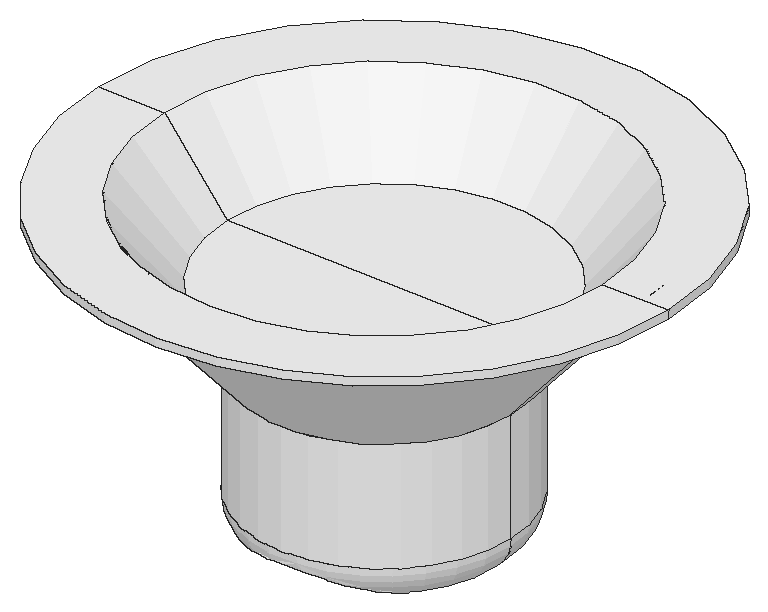
Revit family "LUXI_DOWNLIGHT_OD-E", category Apparecchi per illuminazione, host Superficie, Revit 2016
Family settings
  Host = Superficie
  Tipo di parte = Normale
  Quota connettore circolare = Usa diametro
  Numero OmniClass = 23.80.70.00
  Titolo OmniClass = Lighting
  Taglio con vuoti quando caricato = No
  Sorgente d'illuminazione = Sì
  Condiviso = No
  Punto di calcolo locali = Sì
Parameters (values of type "DLDE010100W830")
  Weight = 0.30 kg
  Wattage = 10 W
  built-in parameter 1150103 = 5.38568 W
  Warranty = "3 years"  # constant formula
  Variazione temperatura colore lampada con luminosità attenuata = <Nessuno>
  Uniclass 2015 description = "Lighting"  # constant formula
  Uniclass 2015 code = "EF_70_80"  # constant formula
  URL = "https://www.luxi.lighting/"
  built-in parameter 1150107 = 3000 (stored number, unit not read)
  Step MacAdam (SDCM) = "<4"  # constant formula
  Ext. thickness = 1.6 mm
  Size = "Ø113x59 recession Ø100"
  Review = "3"  # constant formula
  Rendi la forma visibile nel rendering = no
  Rated supply voltage = "220-240V AC / 50-60 Hz"  # constant formula
  Protection class = "II"  # constant formula
  Prospetto di default = 2000 mm
  Produttore = "Luxi Illuminazione S.r.l."  # constant formula
  Power supply = "Included, not dimmable"  # constant formula
  Power factor = "≥0,90 (typ.)"  # constant formula
  Photobiological risk group = "RG0"  # constant formula
  built-in parameter 1150110 = 1 (stored number, unit not read)
  built-in parameter 1150109 = 1 (stored number, unit not read)
  built-in parameter 1114218 = 1 (stored number, unit not read)
  built-in parameter 1150112 = 1 (stored number, unit not read)
  Optics = "Metalized reflector, opal diffusing panel"  # constant formula
  Operating temperature = "0°C / +40°C"  # constant formula
  OFF4 = (Diameter - Recession) / 2  # 6.5 mm
  OFF3 = (H_mid / 4)  # 7.375 mm
  OFF2 = (H_mid / 3)  # 9.833 mm
  OFF1 = (H_mid * (tan(40.00°)))  # 24.753 mm
  Modello = "OD-E Series | Downlight"  # constant formula
  built-in parameter 1150137 = 1
  built-in parameter 1150132 = 2
  Material 2 = Opal Technopolimer
  Material 1 = Polycarbonate_White
  Masterformat 2016 description = "Lighting"  # constant formula
  Masterformat 2016 code = "26.50.00"  # constant formula
  Light source = "LED SMD"  # constant formula
  Light distribution = "Downlight"  # constant formula
  Lifetime = "L70B50 30.000h"  # constant formula
  built-in parameter 1150105 = 63.662 (stored number, unit not read)
  built-in parameter 1150102 = (empty or 0)
  Installation = "Recessed"  # constant formula
  Recession = 100 mm
  Impact rating = "IK06 (1 Joule)"  # constant formula
  built-in parameter 1150106 = 0.63662 (stored number, unit not read)
  IFCExportAs = "IfcLightFixtureType"  # constant formula
  H_quart = H / 4  # 14.75 mm
  H_mid = H / 2  # 29.5 mm
  H = 59 mm
  Lumens = 800 lm
  Color Filter = 16777215
  File diagramma fotometrico = "DLDE010100W830 Luxi Serie OD-E 10W 3000K.IES"
  built-in parameter 1114217 = 1 (stored number, unit not read)
  built-in parameter 1150139 = (empty or 0)
  Energy class = "A+"  # constant formula
  Emetti da diametro cerchio = Recession  # 100 mm
  built-in parameter 1150104 = 13.8 (stored number, unit not read)
  Dust and water protection rating = "IP 44 (front)"  # constant formula
  built-in parameter 1150115 = 1 (stored number, unit not read)
  built-in parameter 1150114 = 1 (stored number, unit not read)
  built-in parameter 1150113 = 1 (stored number, unit not read)
  Dimming = "Na"  # constant formula
  Diameter = 113 mm
  Descrizione = "LED Downlight with integrated driver"  # constant formula
  built-in parameter 1150134 = (empty or 0)
  built-in parameter 1150138 = (empty or 0)
  Color = "White"  # constant formula
  Code = "DLDE010100W830"
  Certifications = "CE / RohS"  # constant formula
  Carico apparente = Wattage  # 10 VA
  CRI = "≥80 (typ.)"  # constant formula
  Angolo inclinazione = -90.00°
  ANG1 = 50.00°
  built-in parameter 1150133 = 10 (stored number, unit not read)
Types (9, lengths in mm): name | Weight | Wattage | built-in parameter 1150103 | built-in parameter 1150107 | Size | OFF4 | OFF3 | OFF2 | OFF1 | built-in parameter 1150105 | Recession | built-in parameter 1150106 | H_quart | H_mid | H | Lumens | File diagramma fotometrico | Emetti da diametro cerchio | Diameter | built-in parameter 1150134 | Code | Carico apparente
  (no name) | 0.30 kg | 10 W | 5.38568 W | 3000 (stored number, unit not read) | "Ø113x59 recession Ø100" | 6.5 | 7.375 | 9.833 | 24.753 | 63.662 (stored number, unit not read) | 100 | 0.63662 (stored number, unit not read) | 14.75 | 29.5 | 59 | 800 lm | "DLDE010100W830 Luxi Serie OD-E 10W 3000K.IES" | 100 | 113 | (empty or 0) | "DLDE010100W830" | 10 VA
  DLDE010100W830 | 0.30 kg | 10 W | 5.38568 W | 3000 (stored number, unit not read) | "Ø113x59 recession Ø100" | 6.5 | 7.375 | 9.833 | 24.753 | 63.662 (stored number, unit not read) | 100 | 0.63662 (stored number, unit not read) | 14.75 | 29.5 | 59 | 800 lm | "DLDE010100W830 Luxi Serie OD-E 10W 3000K.IES" | 100 | 113 | (empty or 0) | "DLDE010100W830" | 10 VA
  DLDE010100W840 | 0.30 kg | 10 W | 5.65497 W | 4000 (stored number, unit not read) | "Ø113x59 recession Ø100" | 6.5 | 7.375 | 9.833 | 24.753 | 410.01 (stored number, unit not read) | 100 | 4.1001 (stored number, unit not read) | 14.75 | 29.5 | 59 | 840 lm | "DLDE010100W840 Luxi Serie OD-E 10W 4000K.IES" | 100 | 113 | 12 | "DLDE010100W840" | 10 VA
  DLDE017150W830 | 0.30 kg | 17 W | 9.76155 W | 3000 (stored number, unit not read) | "Ø174x66 recession Ø150" | 12 | 8.25 | 11 | 27.69 | 707.77 (stored number, unit not read) | 150 | 7.0777 (stored number, unit not read) | 16.5 | 33 | 66 | 1450 lm | "DLDE017150W830 Luxi Serie OD-E 17W 3000K.IES" | 150 | 174 | (empty or 0) | "DLDE017150W830" | 17 VA
  DLDE017150W840 | 0.30 kg | 17 W | 10.0982 W | 4000 (stored number, unit not read) | "Ø174x66 recession Ø150" | 12 | 8.25 | 11 | 27.69 | 693.86 (stored number, unit not read) | 150 | 6.9386 (stored number, unit not read) | 16.5 | 33 | 66 | 1500 lm | "DLDE017150W840 Luxi Serie OD-E 17W 4000K.IES" | 150 | 174 | 12 | "DLDE017150W830" | 17 VA
  DLDE025200W830 | 0.50 kg | 25 W | 14.8106 W | 3000 (stored number, unit not read) | "Ø224x85 recession Ø200" | 12 | 10.625 | 14.167 | 35.662 | 1017.7 (stored number, unit not read) | 200 | 10.177 (stored number, unit not read) | 21.25 | 42.5 | 85 | 2200 lm | "DLDE025200W830 Luxi Serie OD-E 25W 3000K.IES" | 200 | 224 | (empty or 0) | "DLDE025200W830" | 25 VA
  DLDE025200W840 | 0.50 kg | 25 W | 15.4838 W | 4000 (stored number, unit not read) | "Ø224x85 recession Ø200" | 12 | 10.625 | 14.167 | 35.662 | 881.48 (stored number, unit not read) | 200 | 8.8148 (stored number, unit not read) | 21.25 | 42.5 | 85 | 2300 lm | "DLDE025200W840 Luxi Serie OD-E 25W 4000K.IES" | 200 | 224 | 12 | "DLDE025200W840" | 25 VA
  DLDE035240W830 | 0.60 kg | 35 W | 21.1388 W | 3000 (stored number, unit not read) | "Ø279x119 recession Ø240" | 19.5 | 14.875 | 19.833 | 49.926 | 1203.4 (stored number, unit not read) | 240 | 12.034 (stored number, unit not read) | 29.75 | 59.5 | 119 | 3140 lm | "DLDE035240W830 Luxi Serie OD-E 35W 3000K.IES" | 240 | 279 | (empty or 0) | "DLDE035240W830" | 35 VA
  DLDE035240W840 | 0.60 kg | 35 W | 22.8892 W | 4000 (stored number, unit not read) | "Ø279x119 recession Ø240" | 19.5 | 14.875 | 19.833 | 49.926 | 1504.8 (stored number, unit not read) | 240 | 15.048 (stored number, unit not read) | 29.75 | 59.5 | 119 | 3400 lm | "DLDE035240W840 Luxi Serie OD-E 35W 4000K.IES" | 240 | 279 | 12 | "DLDE035240W840" | 35 VA
Reference planes
  plane 1 "Centro (Fronte/Retro)": y = 0
  plane 2: z = 0
  plane 3 "Centro (Sinistra/Destra)": x = 0
  plane 4: x = -56.5
  plane 5: x = 56.5
  plane 6: z = -27.9
  plane 7 "A": z = -57.4
  plane 8: x = 50
  plane 9: x = -50
  plane 10: z = 1.6
  plane 11: x = -25.247
  plane 12: z = -47.567
  plane 13: x = -17.872
  plane 14: z = -50.025
  plane 15: x = 17.872
  plane 16: x = -43.5
  plane 17: x = -18.747
  plane 18: z = -13.15
  plane 19: x = -34.373
Forms (mm)
  Revolve 1, solid, material "Polycarbonate_White" <- "Material 1"
    sketch origin (0, 0, 0) x (1, 0, 0) y (0, 0, 1)
      loop
        arc (-25.247, -50.025) -> (-23.086, -55.24) -> (-17.872, -57.4) r 7.375
        line (-17.872, -57.4) -> (0, -57.4) -> (0, -27.9) -> (-18.747, -27.9) -> (-43.5, 1.6) -> (-56.5, 1.6) -> (-56.5, 0) -> (-50, 0) -> (-25.247, -27.9) -> (-25.247, -50.025)
      axis (0, 1.6) -> (0, -57.4)
    angle from 0 to 360
  Extrusion 2, void
    sketch origin (0, 0, 0) x (1, 0, 0) y (0, 0, 1)
      loop
        line (-17.872, -57.4) -> (-17.872, -64.316) -> (17.872, -64.316) -> (17.872, -57.4)
        spline (17.872, -57.4) -> (14.893, -55.898) -> (11.914, -54.669) -> (8.936, -53.712) -> (5.957, -53.03) -> (2.979, -52.62) -> (0, -52.483) -> (-2.979, -52.62) -> (-5.957, -53.03) -> (-8.936, -53.712) -> (-11.914, -54.669) -> (-14.893, -55.898) -> (-17.872, -57.4)
    from -150 to 150
  Revolve 3, solid, material "Opal Technopolimer" <- "Material 2"
    sketch origin (0, 0, 0) x (1, 0, 0) y (0, 0, 1)
      loop
        line (0, -13.15) -> (-34.373, -13.15) -> (-18.747, -27.9) -> (0, -27.9) -> (0, -13.15)
      axis (0, -13.15) -> (0, -27.9)
    angle from 0 to 360
  Extrusion 4, void
    sketch origin (0, 0, 0) x (1, 0, 0) y (0, 1, 0)
      loop
        circle (0, 0) r 50
    from 0 to -192.856
Cuts and joins
  Extrusion 2 cuts Revolve 1
Dimensions and locks
  equal spacing: plane 5, plane 3 "Centro (Sinistra/Destra)", plane 4
  "Diameter": plane 5 to plane 4
  "H_mid": plane 6 to plane 7 "A"
  equal spacing: plane 8, plane 3 "Centro (Sinistra/Destra)", plane 9
  "Recession": plane 8 to plane 9
  "Ext. thickness": plane 10 to host face
  "H": plane 10 to plane 7 "A"
  "OFF1": plane 11 to plane 9
  "OFF2": plane 12 to plane 7 "A"
  "OFF3": plane 13 to plane 11
  "OFF3": plane 14 to plane 7 "A"
  equal spacing: plane 13, plane 3 "Centro (Sinistra/Destra)", plane 15
  "OFF4": plane 16 to plane 9
  "OFF4": plane 17 to plane 11
  equal spacing: plane 11, plane 19, plane 16
  "H_quart": plane 18 to plane 6
  "Recession": diameter of Extrusion 4 sketch curve
  aligned and locked: plane 2 to host face
  aligned and locked: level to host face
  aligned and locked: level to Extrusion 4
Automatic sketch dimensions
  host sketch curve to host sketch curve = 2438.4 mm  (x2)
  Extrusion 2 sketch curve to plane 13 = 0 mm
  plane 15 to Extrusion 2 sketch curve = 0 mm
  Extrusion 2 sketch curve to plane 7 "A" = 0 mm
  Extrusion 2 sketch curve to plane 7 "A" = 6.916 mm
  Revolve 1 sketch curve to level = 0 mm
  Revolve 1 sketch curve to plane 4 = 0 mm
  Revolve 1 sketch curve to plane 9 = 0 mm
  Revolve 1 sketch curve to plane 10 = 0 mm
  Revolve 1 sketch curve to plane 16 = 0 mm
  Revolve 1 sketch curve to plane 6 = 0 mm  (x2)
  Revolve 1 sketch curve to plane 11 = 0 mm
  Revolve 1 sketch curve to plane 17 = 0 mm
  Revolve 1 sketch curve to plane 7 "A" = 0 mm
  Revolve 1 sketch curve to plane 13 = 0 mm
  Revolve 1 sketch curve to plane 3 "Centro (Sinistra/Destra)" = 0 mm
  Revolve 3 sketch curve to plane 18 = 0 mm
  Revolve 3 sketch curve to plane 19 = 0 mm
  Revolve 3 sketch curve to plane 6 = 0 mm
  Revolve 3 sketch curve to plane 17 = 0 mm
  Revolve 3 sketch curve to plane 3 "Centro (Sinistra/Destra)" = 0 mm
  plane 1 "Centro (Fronte/Retro)" to Extrusion 4 sketch curve = 0 mm
  Extrusion 4 sketch curve to plane 3 "Centro (Sinistra/Destra)" = 0 mm
Nested families
  nested 1: "Spot_CircDET" at (0, 0, 0), DiamEXT <- "Diameter", DiamINT <- "Recession", type "Spot_CircDET"
    with DiamINT 100 mm, DiamEXT 113 mm
Connectors
  electrical at (0, 0, -57.4), driven by "Wattage"
    settings: index 1, voltage 230 V, apparent load 0 VA, apparent load phase1 10 VA, apparent load phase2 0 VA, apparent load phase3 0 VA, power factor 1, load classification "Altro", number of poles 1, system type 31, power factor state 1, is connector primary yes, connector utility no, sub classification motor no, connector description ""
Definition of nested family "Spot_CircDET"
  Parameters (values of type "Spot_CircDET")
    DiamINT [instance] = 680 mm
    DiamEXT [instance] = 800 mm
  Reference planes
    plane 1 "Centro (Fronte/Retro)": y = 0
    plane 2: z = 0
    plane 3 "Centro (Sinistra/Destra)": x = 0
  Lines and regions (mm)
    detail lines, in view "Livello rif."
      curve 1: circle (0, 0, 0) r 400 normal (0, 0, 1)
      curve 2: circle (0, 0, 0) r 340 normal (0, 0, 1)
  Dimensions and locks
    "DiamEXT": diameter of curve 1
    "DiamINT": diameter of curve 2
  Automatic sketch dimensions
    curve 1 to curve 2 = 0 mm  (x2)
    plane 1 "Centro (Fronte/Retro)" to curve 2 = 0 mm
    curve 2 to plane 3 "Centro (Sinistra/Destra)" = 0 mm
